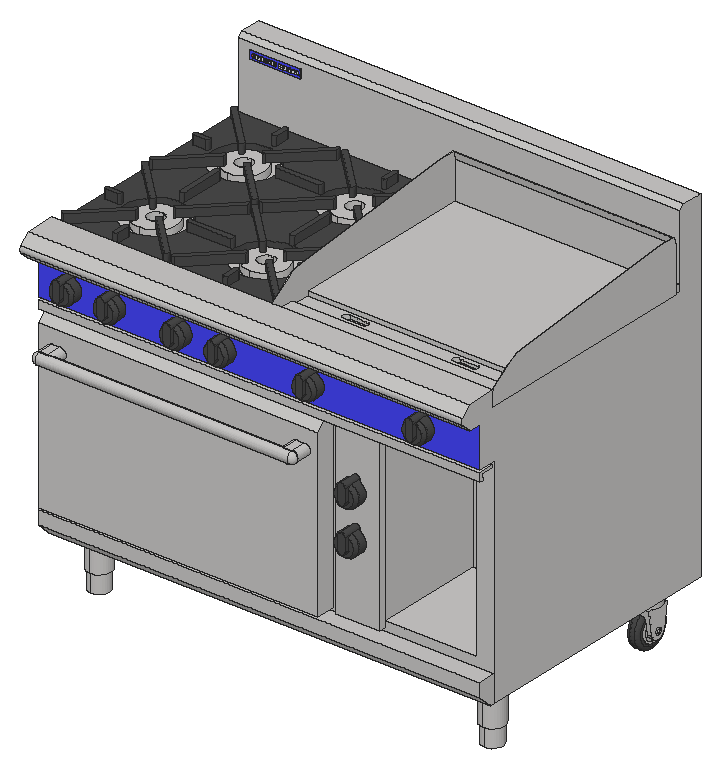
Revit family "QF_MOFFAT_BLUESEAL_CE_GE508B", category Specialty Equipment, Revit 2012 (continued)
Automatic sketch dimensions
  curve 63 to curve 12 = 5.678 mm
  curve 64 to curve 27 = 5.678 mm
  curve 65 to curve 26 = 5.678 mm
  curve 51 to curve 40 = 12.693 mm
  curve 54 to curve 42 = 12.693 mm
  curve 40 to curve 40 = 45 mm
  curve 42 to curve 42 = 45 mm
  curve 26 to curve 91 = 54.201 mm
  curve 27 to plane 17 = 62.387 mm
  curve 13 to curve 26 = 0 mm
  curve 12 to plane 17 = 62.387 mm
  curve 26 to curve 59 = 21.653 mm
  curve 8 to curve 4 = 2.734 mm
  curve 4 to curve 103 = 12.5 mm
  curve 90 to curve 91 = 5 mm
  curve 98 to plane 17 = 13.185 mm
  curve 83 to curve 83 = 5 mm
  curve 96 to curve 95 = 7 mm
  curve 72 to curve 71 = 7 mm
  plane 17 to curve 101 = 3.815 mm
  plane 17 to curve 95 = 3.815 mm
  plane 17 to curve 87 = 3.815 mm
  plane 17 to curve 77 = 3.815 mm
  Extrusion 1 sketch curve to plane 22 = 0 mm
  Extrusion 1 sketch curve to plane 21 = 0 mm
  Extrusion 1 sketch curve to plane 1 "BACK" = 0 mm
  plane 22 to Extrusion 1 sketch curve = 2.93 mm
  plane 22 to Extrusion 1 sketch curve = 8.071 mm
  plane 22 to Extrusion 1 sketch curve = 35.224 mm
  Extrusion 1 sketch curve to Extrusion 1 sketch curve = 2.389 mm
  plane 22 to Extrusion 1 sketch curve = 44 mm  (x2)
  Extrusion 1 sketch curve to Extrusion 1 sketch curve = 8.776 mm
  Extrusion 1 sketch curve to plane 5 "FRONT" = 28.03 mm
  Extrusion 1 sketch curve to plane 5 "FRONT" = 27.03 mm
  Extrusion 1 sketch curve to plane 5 "FRONT" = 11.991 mm
  Extrusion 1 sketch curve to plane 5 "FRONT" = 3.51 mm  (x2)
  Extrusion 1 sketch curve to plane 22 = 1.8 mm
  Extrusion 1 sketch curve to Extrusion 1 sketch curve = 4.2 mm
  Extrusion 1 sketch curve to plane 21 = 12.5 mm
  Extrusion 1 sketch curve to plane 17 = 38 mm
  Extrusion 1 sketch curve to Extrusion 1 sketch curve = 12.5 mm
  Extrusion 1 sketch curve to Extrusion 1 sketch curve = 41.48 mm
  Extrusion 1 sketch curve to Extrusion 1 sketch curve = 23.52 mm
  plane 18 to Extrusion 1 sketch curve = 85 mm
  Extrusion 1 sketch curve to Extrusion 1 sketch curve = 5.997 mm
  Extrusion 1 sketch curve to Extrusion 1 sketch curve = 7.004 mm
  Extrusion 1 sketch curve to Extrusion 1 sketch curve = 16.999 mm
  level to Extrusion 1 sketch curve = 222.5 mm
  Extrusion 1 sketch curve to Extrusion 1 sketch curve = 36.5 mm
  Extrusion 1 sketch curve to Extrusion 1 sketch curve = 35.929 mm
  level to Extrusion 1 sketch curve = 150 mm
  Extrusion 1 sketch curve to Extrusion 1 sketch curve = 8.48 mm
  plane 22 to Extrusion 2 sketch curve = 44 mm
  plane 22 to Extrusion 2 sketch curve = 20 mm
  Extrusion 2 sketch curve to plane 22 = 6 mm
  level to Extrusion 2 sketch curve = 227.5 mm
  plane 18 to Extrusion 2 sketch curve = 21 mm
  plane 18 to Extrusion 2 sketch curve = 45 mm
  plane 22 to Extrusion 3 sketch curve = 9 mm
  Extrusion 3 sketch curve to plane 22 = 6 mm
  level to Extrusion 3 sketch curve = 227.5 mm
  plane 18 to Extrusion 3 sketch curve = 45 mm
  Revolve 4 sketch curve to level = 0 mm
  Revolve 4 sketch curve to plane 22 = 48.25 mm
  Revolve 4 sketch curve to Revolve 4 sketch curve = 4.25 mm
  Revolve 4 sketch curve to Revolve 4 sketch curve = 27.5 mm  (x2)
  level to Revolve 4 sketch curve = 50 mm
  Revolve 4 sketch curve to Revolve 4 sketch curve = 0 mm
  Revolve 4 sketch curve to Revolve 4 sketch curve = 100 mm
  Revolve 4 sketch curve to Revolve 4 sketch curve = 55 mm
  Revolve 5 sketch curve to level = 0 mm
  Revolve 5 sketch curve to plane 22 = 48.25 mm
  Revolve 5 sketch curve to Revolve 5 sketch curve = 4.25 mm
  Revolve 5 sketch curve to Revolve 5 sketch curve = 27.5 mm  (x2)
  Revolve 5 sketch curve to level = 55 mm
  Revolve 5 sketch curve to Revolve 5 sketch curve = 50 mm
  Revolve 5 sketch curve to Revolve 5 sketch curve = 0 mm
  Revolve 5 sketch curve to Revolve 5 sketch curve = 100 mm
  Extrusion 6 sketch curve to plane 17 = 0 mm
  plane 18 to Extrusion 7 sketch curve = 21 mm
  level to Extrusion 7 sketch curve = 246 mm
  plane 16 to Extrusion 7 sketch curve = 15.5 mm
  Extrusion 8 sketch curve to plane 7 "Center Y" = 0 mm
  plane 22 to Extrusion 8 sketch curve = 0 mm
  Extrusion 8 sketch curve to plane 22 = 3 mm  (x2)
  plane 10 to Extrusion 8 sketch curve = 36.504 mm  (x2)
  plane 12 to Extrusion 8 sketch curve = 67.472 mm  (x2)
  Extrusion 8 sketch curve to plane 17 = 42 mm  (x2)
  plane 3 "LEFT" to Extrusion 8 sketch curve = 4 mm
  plane 14 to Extrusion 8 sketch curve = 76 mm  (x2)
  Extrusion 8 sketch curve to plane 7 "Center Y" = 150 mm  (x2)
  Extrusion 9 sketch curve to plane 17 = 61.602 mm  (x3)
  plane 9 to Extrusion 9 sketch curve = 4.847 mm  (x4)
  Extrusion 9 sketch curve to Extrusion 9 sketch curve = 0 mm  (x8)
  Extrusion 9 sketch curve to plane 7 "Center Y" = 15.153 mm  (x3)
  plane 3 "LEFT" to Extrusion 9 sketch curve = 15.153 mm
  Extrusion 9 sketch curve to Extrusion 9 sketch curve = 4.525 mm  (x24)
  Extrusion 9 sketch curve to plane 17 = 67.398 mm  (x2)
  Extrusion 9 sketch curve to Extrusion 9 sketch curve = 36.204 mm  (x2)
  Extrusion 9 sketch curve to Extrusion 9 sketch curve = 65.923 mm  (x2)
  plane 3 "LEFT" to Extrusion 9 sketch curve = 16.591 mm  (x2)
  plane 12 to Extrusion 9 sketch curve = 74.863 mm
  Extrusion 9 sketch curve to plane 7 "Center Y" = 7.896 mm  (x2)
  plane 12 to Extrusion 9 sketch curve = 73.872 mm
  Extrusion 9 sketch curve to Extrusion 9 sketch curve = 20.524 mm  (x5)
  Extrusion 9 sketch curve to Extrusion 9 sketch curve = 6.4 mm  (x12)
  plane 12 to Extrusion 9 sketch curve = 40.548 mm  (x4)
  Extrusion 9 sketch curve to plane 12 = 24.426 mm  (x2)
  Extrusion 9 sketch curve to plane 13 = 7.374 mm  (x4)
  plane 8 "Center X" to Extrusion 9 sketch curve = 8.898 mm  (x4)
  plane 8 "Center X" to Extrusion 9 sketch curve = 4.372 mm  (x4)
  Extrusion 9 sketch curve to plane 8 "Center X" = 43.102 mm  (x2)
  Extrusion 9 sketch curve to Extrusion 9 sketch curve = 55.923 mm  (x4)
  plane 10 to Extrusion 9 sketch curve = 43.646 mm
  plane 10 to Extrusion 9 sketch curve = 43.172 mm  (x2)
  plane 10 to Extrusion 9 sketch curve = 9.848 mm  (x4)
  plane 10 to Extrusion 9 sketch curve = 5.323 mm  (x4)
  Extrusion 9 sketch curve to plane 10 = 65.126 mm  (x2)
  Extrusion 9 sketch curve to plane 22 = 32.653 mm  (x3)
  plane 3 "LEFT" to Extrusion 9 sketch curve = 6.102 mm  (x3)
  Extrusion 9 sketch curve to plane 7 "Center Y" = 6.102 mm
  Extrusion 9 sketch curve to plane 22 = 29.398 mm  (x2)
  Extrusion 9 sketch curve to plane 11 = 9.416 mm  (x2)
  plane 14 to Extrusion 9 sketch curve = 40.025 mm  (x4)
  plane 14 to Extrusion 9 sketch curve = 69.6 mm  (x2)
  Extrusion 9 sketch curve to Extrusion 9 sketch curve = 53.847 mm  (x8)
  Extrusion 9 sketch curve to plane 9 = 38.102 mm  (x2)
  Extrusion 9 sketch curve to Extrusion 9 sketch curve = 12.205 mm  (x4)
  plane 9 to Extrusion 9 sketch curve = 78.102 mm  (x2)
  Extrusion 9 sketch curve to Extrusion 9 sketch curve = 49.974 mm  (x2)
  Revolve 10 sketch curve to plane 5 "FRONT" = 19 mm
  Revolve 10 sketch curve to Revolve 10 sketch curve = 0 mm  (x2)
  Revolve 10 sketch curve to Revolve 10 sketch curve = 11 mm
  Revolve 10 sketch curve to Revolve 10 sketch curve = 12.7 mm
  Revolve 10 sketch curve to Revolve 10 sketch curve = 23 mm
  Revolve 10 sketch curve to Revolve 10 sketch curve = 10 mm
  plane 18 to Revolve 10 sketch curve = 141.882 mm
  Revolve 10 sketch curve to Revolve 10 sketch curve = 5 mm
  Revolve 10 sketch curve to Revolve 10 sketch curve = 26.651 mm
  Revolve 10 sketch curve to Revolve 10 sketch curve = 5.849 mm
  Revolve 11 sketch curve to plane 5 "FRONT" = 19 mm
  Revolve 11 sketch curve to Revolve 11 sketch curve = 0 mm  (x2)
  Revolve 11 sketch curve to Revolve 11 sketch curve = 11 mm
  Revolve 11 sketch curve to Revolve 11 sketch curve = 12.7 mm
  Revolve 11 sketch curve to Revolve 11 sketch curve = 23 mm
  Revolve 11 sketch curve to Revolve 11 sketch curve = 10 mm
  Revolve 11 sketch curve to plane 6 "TOP" = 140.618 mm
  Revolve 11 sketch curve to Revolve 11 sketch curve = 5.849 mm
  Revolve 11 sketch curve to Revolve 11 sketch curve = 27.5 mm
  Revolve 11 sketch curve to Revolve 11 sketch curve = 5 mm
  Revolve 12 sketch curve to plane 5 "FRONT" = 19 mm
  Revolve 12 sketch curve to Revolve 12 sketch curve = 0 mm  (x2)
  Revolve 12 sketch curve to Revolve 12 sketch curve = 11 mm
  Revolve 12 sketch curve to Revolve 12 sketch curve = 12.7 mm
  Revolve 12 sketch curve to Revolve 12 sketch curve = 23 mm
  Revolve 12 sketch curve to Revolve 12 sketch curve = 10 mm
  Revolve 12 sketch curve to plane 6 "TOP" = 140.618 mm
  Revolve 12 sketch curve to Revolve 12 sketch curve = 5.849 mm
  Revolve 12 sketch curve to Revolve 12 sketch curve = 27.5 mm
  Revolve 12 sketch curve to Revolve 12 sketch curve = 5 mm
  Revolve 13 sketch curve to plane 5 "FRONT" = 19 mm
  Revolve 13 sketch curve to Revolve 13 sketch curve = 0 mm  (x2)
  Revolve 13 sketch curve to Revolve 13 sketch curve = 11 mm
  Revolve 13 sketch curve to Revolve 13 sketch curve = 12.7 mm
  Revolve 13 sketch curve to Revolve 13 sketch curve = 23 mm
  Revolve 13 sketch curve to Revolve 13 sketch curve = 10 mm
  Revolve 13 sketch curve to plane 6 "TOP" = 140.618 mm
  Revolve 13 sketch curve to Revolve 13 sketch curve = 5.849 mm
  Revolve 13 sketch curve to Revolve 13 sketch curve = 27.5 mm
  Revolve 13 sketch curve to Revolve 13 sketch curve = 5 mm
  Revolve 14 sketch curve to plane 5 "FRONT" = 19 mm
  Revolve 14 sketch curve to Revolve 14 sketch curve = 0 mm  (x2)
  Revolve 14 sketch curve to Revolve 14 sketch curve = 11 mm
  Revolve 14 sketch curve to Revolve 14 sketch curve = 12.7 mm
  Revolve 14 sketch curve to Revolve 14 sketch curve = 23 mm
  Revolve 14 sketch curve to Revolve 14 sketch curve = 10 mm
  Revolve 14 sketch curve to plane 6 "TOP" = 140.618 mm
  Revolve 14 sketch curve to Revolve 14 sketch curve = 5.849 mm
  Revolve 14 sketch curve to Revolve 14 sketch curve = 27.5 mm
  Revolve 14 sketch curve to Revolve 14 sketch curve = 5 mm
  plane 14 to Extrusion 15 sketch curve = 26.156 mm
  Extrusion 15 sketch curve to Extrusion 15 sketch curve = 10 mm
  Extrusion 15 sketch curve to plane 6 "TOP" = 146.118 mm
  Extrusion 15 sketch curve to Extrusion 15 sketch curve = 35 mm
  Extrusion 16 sketch curve to plane 9 = 59.844 mm
  Extrusion 16 sketch curve to Extrusion 16 sketch curve = 10 mm
  Extrusion 16 sketch curve to plane 6 "TOP" = 146.118 mm
  Extrusion 16 sketch curve to Extrusion 16 sketch curve = 35 mm
  plane 9 to Extrusion 17 sketch curve = 120.132 mm
  Extrusion 17 sketch curve to Extrusion 17 sketch curve = 10 mm
  Extrusion 17 sketch curve to plane 6 "TOP" = 146.118 mm
  Extrusion 17 sketch curve to Extrusion 17 sketch curve = 35 mm
  Extrusion 18 sketch curve to plane 7 "Center Y" = 79.868 mm
  Extrusion 18 sketch curve to Extrusion 18 sketch curve = 10 mm
  Extrusion 18 sketch curve to plane 6 "TOP" = 146.118 mm
  Extrusion 18 sketch curve to Extrusion 18 sketch curve = 35 mm
  Extrusion 19 sketch curve to plane 6 "TOP" = 146.118 mm
  Extrusion 19 sketch curve to Extrusion 19 sketch curve = 35 mm
  plane 22 to Revolve 20 sketch curve = 53 mm
  Revolve 20 sketch curve to Revolve 20 sketch curve = 0 mm  (x2)
  Revolve 20 sketch curve to Revolve 20 sketch curve = 11 mm
  Revolve 20 sketch curve to Revolve 20 sketch curve = 12.7 mm
  plane 22 to Revolve 20 sketch curve = 19 mm
  plane 22 to Revolve 20 sketch curve = 9 mm
  Revolve 20 sketch curve to plane 18 = 104.368 mm
  Revolve 20 sketch curve to Revolve 20 sketch curve = 5 mm
  Revolve 20 sketch curve to Revolve 20 sketch curve = 26.651 mm
  Revolve 20 sketch curve to Revolve 20 sketch curve = 5.849 mm
  Extrusion 21 sketch curve to Extrusion 21 sketch curve = 10 mm
  Extrusion 21 sketch curve to plane 18 = 112.368 mm
  Extrusion 21 sketch curve to Extrusion 21 sketch curve = 35 mm
  Extrusion 22 sketch curve to Extrusion 2 = 0 mm  (x2)
  Extrusion 22 sketch curve to Extrusion 22 sketch curve = 469.847 mm
  Extrusion 23 sketch curve to plane 16 = 0.512 mm
  Extrusion 23 sketch curve to plane 17 = 6.76 mm
  Extrusion 23 sketch curve to plane 1 "BACK" = 30.24 mm
  Extrusion 23 sketch curve to plane 17 = 55.26 mm
  Extrusion 24 sketch curve to plane 11 = 1.472 mm
  Extrusion 24 sketch curve to plane 18 = 46.875 mm  (x2)
  Extrusion 24 sketch curve to Extrusion 24 sketch curve = 15 mm  (x2)
  Extrusion 24 sketch curve to Extrusion 24 sketch curve = 20.282 mm  (x2)
  Revolve 25 sketch curve to plane 3 "LEFT" = 6.961 mm
  plane 3 "LEFT" to Revolve 25 sketch curve = 23.246 mm
  Revolve 25 sketch curve to plane 18 = 16.875 mm
  Revolve 25 sketch curve to Revolve 25 sketch curve = 15 mm
  Revolve 25 sketch curve to plane 7 "Center Y" = 11.961 mm
  Revolve 25 sketch curve to Revolve 25 sketch curve = 0 mm
  Extrusion 26 sketch curve to Extrusion 26 sketch curve = 0 mm  (x8)
  plane 12 to Extrusion 26 sketch curve = 67.472 mm  (x2)
  plane 10 to Extrusion 26 sketch curve = 36.772 mm  (x2)
  plane 14 to Extrusion 26 sketch curve = 76 mm  (x2)
  Extrusion 26 sketch curve to plane 7 "Center Y" = 150 mm  (x2)
  Split face 1 sketch curve to cut or joined group of Extrusion 1, Extrusion 7, Extrusion 23 = 27.315 mm
  Split face 1 sketch curve to cut or joined group of Extrusion 1, Extrusion 7, Extrusion 23 = 273.455 mm
  Split face 1 sketch curve to cut or joined group of Extrusion 1, Extrusion 7, Extrusion 23 = 23.185 mm
  Split face 1 sketch curve to Split face 1 sketch curve = 4.041 mm  (x4)
  Split face 1 sketch curve to Split face 1 sketch curve = 8.66 mm  (x2)
  Split face 1 sketch curve to cut or joined group of Extrusion 1, Extrusion 7, Extrusion 23 = 22.315 mm
  Split face 1 sketch curve to cut or joined group of Extrusion 1, Extrusion 7, Extrusion 23 = 36.836 mm
  Split face 1 sketch curve to Split face 1 sketch curve = 17 mm
  Split face 1 sketch curve to Split face 1 sketch curve = 7 mm  (x2)
  Split face 2 sketch curve to cut or joined group of Extrusion 1, Extrusion 7, Extrusion 23 = 27.315 mm
  Split face 2 sketch curve to cut or joined group of Extrusion 1, Extrusion 7, Extrusion 23 = 573.455 mm
  Split face 2 sketch curve to cut or joined group of Extrusion 1, Extrusion 7, Extrusion 23 = 23.185 mm
  Split face 2 sketch curve to Split face 2 sketch curve = 4.041 mm  (x4)
  Split face 2 sketch curve to Split face 2 sketch curve = 8.66 mm  (x2)
  Split face 2 sketch curve to cut or joined group of Extrusion 1, Extrusion 7, Extrusion 23 = 22.315 mm
  Split face 2 sketch curve to Split face 2 sketch curve = 223.917 mm
  Split face 2 sketch curve to cut or joined group of Extrusion 1, Extrusion 7, Extrusion 23 = 17.315 mm
  Split face 2 sketch curve to Split face 2 sketch curve = 17 mm
  Split face 2 sketch curve to Split face 2 sketch curve = 7 mm
  Split face 3 sketch curve to cut or joined group of Extrusion 1, Extrusion 7, Extrusion 23 = 27.315 mm
  Split face 3 sketch curve to cut or joined group of Extrusion 1, Extrusion 7, Extrusion 23 = 326.545 mm
  Split face 3 sketch curve to cut or joined group of Extrusion 1, Extrusion 7, Extrusion 23 = 23.185 mm
  Split face 3 sketch curve to Split face 3 sketch curve = 4.041 mm  (x4)
  Split face 3 sketch curve to Split face 3 sketch curve = 8.66 mm  (x2)
  Split face 3 sketch curve to cut or joined group of Extrusion 1, Extrusion 7, Extrusion 23 = 22.315 mm
  Split face 3 sketch curve to Split face 3 sketch curve = 223.917 mm
  Split face 3 sketch curve to cut or joined group of Extrusion 1, Extrusion 7, Extrusion 23 = 17.315 mm
  Split face 3 sketch curve to Split face 3 sketch curve = 17 mm
  Split face 3 sketch curve to Split face 3 sketch curve = 7 mm
  Split face 4 sketch curve to cut or joined group of Extrusion 1, Extrusion 7, Extrusion 23 = 26.545 mm
  Split face 4 sketch curve to Split face 4 sketch curve = 4.041 mm  (x4)
  Split face 4 sketch curve to Split face 4 sketch curve = 8.66 mm  (x2)
  Split face 4 sketch curve to cut or joined group of Extrusion 1, Extrusion 7, Extrusion 23 = 22.315 mm
  Split face 4 sketch curve to Split face 4 sketch curve = 223.917 mm
  Split face 4 sketch curve to cut or joined group of Extrusion 1, Extrusion 7, Extrusion 23 = 17.315 mm
  Split face 4 sketch curve to Split face 4 sketch curve = 10 mm
  Split face 4 sketch curve to Split face 4 sketch curve = 7 mm  (x3)
  Extrusion 28 sketch curve to plane 17 = 99.75 mm
  Extrusion 28 sketch curve to Extrusion 28 sketch curve = 12.357 mm
  Extrusion 28 sketch curve to Extrusion 28 sketch curve = 19.393 mm  (x2)
  level to Extrusion 28 sketch curve = 45.111 mm
  Extrusion 28 sketch curve to plane 17 = 36.25 mm
  Extrusion 28 sketch curve to Extrusion 28 sketch curve = 4.889 mm
  Extrusion 28 sketch curve to Extrusion 28 sketch curve = 64.889 mm
  Revolve 29 sketch curve to plane 17 = 103.75 mm
  Revolve 29 sketch curve to plane 17 = 68 mm
  Revolve 29 sketch curve to Revolve 29 sketch curve = 35.75 mm
  Revolve 29 sketch curve to level = 55 mm
  level to Revolve 29 sketch curve = 50 mm
  Revolve 29 sketch curve to Revolve 29 sketch curve = 60 mm
  Revolve 29 sketch curve to Revolve 29 sketch curve = 40 mm
  Revolve 30 sketch curve to plane 17 = 103.75 mm
  Revolve 30 sketch curve to plane 17 = 68 mm
  Revolve 30 sketch curve to Revolve 30 sketch curve = 35.75 mm
  level to Revolve 30 sketch curve = 150 mm
  Revolve 30 sketch curve to Revolve 30 sketch curve = 40 mm
  level to Revolve 30 sketch curve = 50 mm
  Revolve 30 sketch curve to level = 55 mm
  Revolve 31 sketch curve to plane 16 = 34.382 mm
  Revolve 31 sketch curve to Revolve 31 sketch curve = 1.27 mm  (x4)
  Revolve 31 sketch curve to Revolve 31 sketch curve = 1.524 mm  (x2)
  Revolve 31 sketch curve to Revolve 31 sketch curve = 12.146 mm  (x2)
  Revolve 31 sketch curve to plane 16 = 16.68 mm
  Revolve 31 sketch curve to Revolve 31 sketch curve = 0.794 mm  (x2)
  Revolve 31 sketch curve to Revolve 31 sketch curve = 3.57 mm
  Revolve 31 sketch curve to Revolve 31 sketch curve = 2.143 mm
  Revolve 31 sketch curve to plane 16 = 6.361 mm
  plane 16 to Revolve 31 sketch curve = 5.13 mm
  plane 16 to Revolve 31 sketch curve = 6.339 mm
  plane 16 to Revolve 31 sketch curve = 14.515 mm
  Revolve 31 sketch curve to Revolve 31 sketch curve = 1.349 mm  (x2)
  Revolve 31 sketch curve to Revolve 31 sketch curve = 3.556 mm
  Revolve 31 sketch curve to plane 4 "RIGHT" = 2.18 mm
  level to Revolve 31 sketch curve = 50.8 mm
  Revolve 31 sketch curve to Revolve 31 sketch curve = 0 mm
  Revolve 31 sketch curve to Revolve 31 sketch curve = 3.505 mm  (x2)
  Revolve 31 sketch curve to Revolve 31 sketch curve = 3.447 mm  (x2)
  Revolve 31 sketch curve to Revolve 31 sketch curve = 9.964 mm
  Revolve 31 sketch curve to Revolve 31 sketch curve = 10.045 mm
  Revolve 31 sketch curve to Revolve 31 sketch curve = 2.053 mm
  Revolve 31 sketch curve to Revolve 31 sketch curve = 2.061 mm
  Revolve 31 sketch curve to Revolve 31 sketch curve = 8.247 mm
  Revolve 31 sketch curve to Revolve 31 sketch curve = 8.336 mm
  Revolve 31 sketch curve to Revolve 31 sketch curve = 6.35 mm  (x2)
  Extrusion 32 sketch curve to plane 17 = 99.75 mm
  Extrusion 32 sketch curve to Extrusion 32 sketch curve = 12.357 mm
  Extrusion 32 sketch curve to Extrusion 32 sketch curve = 19.393 mm  (x2)
  level to Extrusion 32 sketch curve = 45.111 mm
  Extrusion 32 sketch curve to plane 17 = 36.25 mm
  Extrusion 32 sketch curve to Extrusion 32 sketch curve = 4.889 mm
  Extrusion 32 sketch curve to Extrusion 32 sketch curve = 64.889 mm
  Revolve 33 sketch curve to level = 0 mm
  Revolve 33 sketch curve to plane 17 = 99.75 mm
  Revolve 33 sketch curve to Revolve 33 sketch curve = 4.25 mm
  Revolve 33 sketch curve to Revolve 33 sketch curve = 27.5 mm  (x2)
  Revolve 33 sketch curve to level = 55 mm
  Revolve 33 sketch curve to Revolve 33 sketch curve = 50 mm
  Revolve 33 sketch curve to Revolve 33 sketch curve = 0 mm
  Revolve 33 sketch curve to Revolve 33 sketch curve = 100 mm
  Revolve 34 sketch curve to level = 0 mm
  Revolve 34 sketch curve to plane 17 = 99.75 mm
  Revolve 34 sketch curve to Revolve 34 sketch curve = 4.25 mm
  Revolve 34 sketch curve to Revolve 34 sketch curve = 27.5 mm  (x2)
  level to Revolve 34 sketch curve = 50 mm
  Revolve 34 sketch curve to Revolve 34 sketch curve = 0 mm
  Revolve 34 sketch curve to Revolve 34 sketch curve = 100 mm
  Revolve 34 sketch curve to Revolve 34 sketch curve = 55 mm
  plane 14 to Revolve 35 sketch curve = 25.382 mm
  Revolve 35 sketch curve to Revolve 35 sketch curve = 1.27 mm  (x4)
  Revolve 35 sketch curve to Revolve 35 sketch curve = 1.524 mm  (x2)
  plane 14 to Revolve 35 sketch curve = 10.442 mm
  plane 14 to Revolve 35 sketch curve = 7.68 mm
  Revolve 35 sketch curve to Revolve 35 sketch curve = 0.794 mm  (x2)
  Revolve 35 sketch curve to Revolve 35 sketch curve = 3.57 mm
  Revolve 35 sketch curve to Revolve 35 sketch curve = 2.143 mm
  Revolve 35 sketch curve to plane 14 = 2.639 mm
  Revolve 35 sketch curve to plane 11 = 0.13 mm
  Revolve 35 sketch curve to plane 11 = 1.339 mm
  Revolve 35 sketch curve to plane 11 = 9.515 mm
  Revolve 35 sketch curve to Revolve 35 sketch curve = 1.349 mm  (x2)
  Revolve 35 sketch curve to Revolve 35 sketch curve = 3.556 mm
  Revolve 35 sketch curve to Revolve 35 sketch curve = 12.146 mm
  Revolve 35 sketch curve to plane 3 "LEFT" = 2.68 mm
  level to Revolve 35 sketch curve = 101.6 mm
  Revolve 35 sketch curve to Revolve 35 sketch curve = 6.35 mm  (x4)
  Revolve 35 sketch curve to Revolve 35 sketch curve = 8.247 mm
  Revolve 35 sketch curve to Revolve 35 sketch curve = 8.336 mm
  Revolve 35 sketch curve to Revolve 35 sketch curve = 2.061 mm
  Revolve 35 sketch curve to Revolve 35 sketch curve = 2.053 mm
  Revolve 35 sketch curve to Revolve 35 sketch curve = 10.045 mm
  Revolve 35 sketch curve to Revolve 35 sketch curve = 9.964 mm
  Revolve 35 sketch curve to Revolve 35 sketch curve = 3.447 mm  (x2)
  Revolve 35 sketch curve to Revolve 35 sketch curve = 3.505 mm
  plane 22 to Revolve 36 sketch curve = 53 mm
  Revolve 36 sketch curve to Revolve 36 sketch curve = 0 mm  (x2)
  Revolve 36 sketch curve to Revolve 36 sketch curve = 11 mm
  Revolve 36 sketch curve to Revolve 36 sketch curve = 12.7 mm
  plane 22 to Revolve 36 sketch curve = 19 mm
  plane 22 to Revolve 36 sketch curve = 9 mm
  Revolve 36 sketch curve to plane 18 = 224.368 mm
  Revolve 36 sketch curve to Revolve 36 sketch curve = 5 mm
  Revolve 36 sketch curve to Revolve 36 sketch curve = 26.651 mm
  Revolve 36 sketch curve to Revolve 36 sketch curve = 5.849 mm
  Extrusion 37 sketch curve to Extrusion 37 sketch curve = 10 mm
  Extrusion 37 sketch curve to plane 18 = 232.368 mm
  Extrusion 37 sketch curve to Extrusion 37 sketch curve = 35 mm
  Revolve 38 sketch curve to plane 5 "FRONT" = 19 mm
  Revolve 38 sketch curve to Revolve 38 sketch curve = 0 mm  (x2)
  Revolve 38 sketch curve to Revolve 38 sketch curve = 11 mm
  Revolve 38 sketch curve to Revolve 38 sketch curve = 12.7 mm
  Revolve 38 sketch curve to Revolve 38 sketch curve = 23 mm
  Revolve 38 sketch curve to Revolve 38 sketch curve = 10 mm
  plane 18 to Revolve 38 sketch curve = 141.882 mm
  Revolve 38 sketch curve to Revolve 38 sketch curve = 5 mm
  Revolve 38 sketch curve to Revolve 38 sketch curve = 26.651 mm
  Revolve 38 sketch curve to Revolve 38 sketch curve = 5.849 mm
  Extrusion 39 sketch curve to plane 6 "TOP" = 146.118 mm
  Extrusion 39 sketch curve to Extrusion 39 sketch curve = 35 mm
  Extrusion 6 sketch curve to plane 16 = 64.5 mm
  Extrusion 23 sketch curve to Extrusion 23 sketch curve = 81 mm
  Extrusion 23 sketch curve to Extrusion 23 sketch curve = 48.5 mm
  Extrusion 39 sketch curve to plane 16 = 75.106 mm
  Extrusion 39 sketch curve to Extrusion 39 sketch curve = 10 mm
  plane 7 "Center Y" to curve 10 = 118.108 mm
  curve 10 to curve 11 = 25.191 mm
  curve 11 to curve 49 = 16.7 mm
  curve 83 to curve 79 = 223.917 mm
  Extrusion 7 sketch curve to plane 16 = 234.5 mm
  plane 7 "Center Y" to Extrusion 19 sketch curve = 159.62 mm
  Extrusion 19 sketch curve to Extrusion 19 sketch curve = 10 mm
  plane 7 "Center Y" to Extrusion 21 sketch curve = 227.344 mm
  plane 7 "Center Y" to Extrusion 24 sketch curve = 102.757 mm
  plane 7 "Center Y" to Revolve 25 sketch curve = 123.039 mm
  plane 7 "Center Y" to Extrusion 37 sketch curve = 227.344 mm
  radius of Extrusion 6 sketch curve = 10 mm
  radius of Extrusion 8 sketch curve = 85 mm  (x4)
  radius of Extrusion 26 sketch curve = 57 mm  (x4)
  radius of Extrusion 26 sketch curve = 22 mm  (x4)
  radius of Extrusion 27 sketch curve = 6.35 mm
Nested families
  nested 1: "WALDORF LOGO_FACE BASE" at (32, -70, 1056.385) x (1, 0, 0) z (0, -1, 0), visible <- "Show Logo", type "WALDORF LOGO_FACE BASE", detail levels medium+fine
    with Show Logo yes
  nested 2: "GAS GRIDDLE PLATE 600" at (600, -85, 874.5), type "GAS GRIDDLE PLATE 600"
    with Width 600 mm, Type Mark "", Status "", Specification by User "", Revision Code "", Item Number "", Installed By "", Identify Quantity as Lot yes, Furnished By "", Foodservice Equipment Identifier yes, Depth 620 mm
Connectors
  piping at (1070, -32, 655)
    settings: on Extrusion 6, index 4, connector radius 0.37402", flow factor 0, pipe flow 0 GPM, pressure drop 0.00 psi, fitting loss kfactor 0, connector angle 0.00°, fixture units 0, engagement length 0 mm, flow configuration 1, flow direction 1, fitting loss method 0, system type 7, joint type 0, gender type 0, connector reference index -1, connector utility 0, adjustable connector no, is connector primary yes, fitting loss table "", connector description "GAS CONNECTION"
  electrical at (826, -501, 148.072), driven by "Volts", driven by "Watts"
    settings: on Extrusion 27, index 5, voltage 400 V, apparent load 6200 VA, apparent load phase1 0 VA, apparent load phase2 0 VA, apparent load phase3 0 VA, power factor 1, load classification "Other", number of poles 1, system type 30, power factor state 1, is connector primary yes, connector utility no, sub classification motor no, connector description "ELECTRICAL CONNECTION"
Definition of nested family "WALDORF LOGO_FACE BASE"
  Parameters (values of type "WALDORF LOGO_FACE BASE")
    Show Logo [instance] = yes
    Default Elevation = 1219.2 mm
  Reference planes
    plane 1 "Center (Front/Back)": y = 0
    plane 2: z = 0
    plane 3 "Center (Left/Right)": x = 0
  Forms (mm)
    Extrusion 1, solid
      sketch origin (0, 0, 0) x (1, 0, 0) y (0, 1, 0)
        loop
          line (-1219.2, 1219.2) -> (-1219.2, -1219.2) -> (1219.2, -1219.2) -> (1219.2, 1219.2) -> (-1219.2, 1219.2)
      from 0 to -304.8
    Extrusion 2, solid, material "QF_Finishes_Blue", visible <- "Show Logo"
      sketch origin (0, -33.217, 0) x (1, 0, 0) y (0, 1, 0)
        loop
          arc (138, 31.942) -> (137.626, 32.844) -> (136.724, 33.217) r 1.276
          line (136.724, 33.217) -> (1.29, 33.217)
          arc (1.29, 33.217) -> (0.378, 32.839) -> (0, 31.927) r 1.29
          line (0, 31.927) -> (0, 11.507)
          arc (0, 11.507) -> (0.378, 10.595) -> (1.29, 10.217) r 1.29
          line (1.29, 10.217) -> (136.71, 10.217)
          arc (136.71, 10.217) -> (137.622, 10.595) -> (138, 11.507) r 1.29
          line (138, 11.507) -> (138, 31.942)
      from 0 to 1.588
    Extrusion 3, solid, material "QF_Finishes_White", visible <- "Show Logo"
      sketch origin (0, -33.217, 1.588) x (1, 0, 0) y (0, 1, 0)
        loop
          arc (108.946, 25.919) -> (107.613, 25.367) -> (107.061, 24.034) r 1.885
          line (107.061, 24.034) -> (107.061, 17.211) -> (112.704, 17.211) -> (112.704, 19.129) -> (115.546, 19.129) -> (115.546, 17.211) -> (121.584, 17.211) -> (121.584, 24.075)
          arc (121.584, 24.075) -> (121.043, 25.379) -> (119.739, 25.919) r 1.845
          line (119.739, 25.919) -> (108.946, 25.919)
        loop
          line (123.478, 25.919) -> (123.478, 17.163) -> (134.904, 17.163) -> (134.904, 19.129) -> (129.246, 19.129) -> (129.246, 25.919) -> (123.478, 25.919)
        loop
          line (112.704, 21.258) -> (115.546, 21.258) -> (115.546, 22.702)
          arc (115.546, 22.702) -> (115.344, 23.188) -> (114.858, 23.389) r 0.687
          line (114.858, 23.389) -> (113.363, 23.389)
          arc (113.363, 23.389) -> (112.897, 23.196) -> (112.704, 22.73) r 0.658
          line (112.704, 22.73) -> (112.704, 21.258)
        loop
          line (105.071, 25.919) -> (93.771, 25.919) -> (93.771, 17.163) -> (105.071, 17.163) -> (105.071, 19.063) -> (99.535, 19.063) -> (99.535, 20.437) -> (105.071, 20.437) -> (105.071, 22.278) -> (99.535, 22.278) -> (99.535, 23.587) -> (105.071, 23.587) -> (105.071, 25.919)
        loop
          line (91.104, 25.919) -> (79.541, 25.919)
          arc (79.541, 25.919) -> (78.558, 25.513) -> (78.152, 24.53) r 1.389
          line (78.152, 24.53) -> (78.152, 22.08)
          arc (78.152, 22.08) -> (78.558, 21.098) -> (79.541, 20.691) r 1.389
          line (79.541, 20.691) -> (86.346, 20.691) -> (86.346, 18.864) -> (83.266, 18.864) -> (83.266, 19.664) -> (78.152, 19.664) -> (78.152, 18.553)
          arc (78.152, 18.553) -> (78.558, 17.57) -> (79.541, 17.163) r 1.389
          line (79.541, 17.163) -> (91.063, 17.163)
          arc (91.063, 17.163) -> (92.045, 17.57) -> (92.452, 18.553) r 1.389
          line (92.452, 18.553) -> (92.452, 20.691)
          arc (92.452, 20.691) -> (92.045, 21.673) -> (91.063, 22.08) r 1.389
          line (91.063, 22.08) -> (83.266, 22.08) -> (83.266, 23.984) -> (86.346, 23.984) -> (86.346, 22.743) -> (92.452, 22.743) -> (92.452, 24.571)
          arc (92.452, 24.571) -> (92.057, 25.524) -> (91.104, 25.919) r 1.348
        loop
          line (70.705, 25.919) -> (59.405, 25.919) -> (59.405, 17.163) -> (70.705, 17.163) -> (70.705, 19.063) -> (65.169, 19.063) -> (65.169, 20.437) -> (70.705, 20.437) -> (70.705, 22.278) -> (65.169, 22.278) -> (65.169, 23.587) -> (70.705, 23.587) -> (70.705, 25.919)
        loop
          line (57.598, 25.919) -> (51.7, 25.919) -> (51.7, 20.18)
          arc (51.7, 20.18) -> (50.63, 19.11) -> (49.56, 20.18) r 1.07
          line (49.56, 20.18) -> (49.56, 25.919) -> (43.663, 25.919) -> (43.663, 19.049)
          arc (43.663, 19.049) -> (44.215, 17.716) -> (45.548, 17.163) r 1.885
          line (45.548, 17.163) -> (55.71, 17.163)
          arc (55.71, 17.163) -> (57.045, 17.716) -> (57.598, 19.051) r 1.887
          line (57.598, 19.051) -> (57.598, 25.919)
        loop
          line (31.62, 25.919) -> (31.62, 17.163) -> (43.046, 17.163) -> (43.046, 19.129) -> (37.388, 19.129) -> (37.388, 25.919) -> (31.62, 25.919)
        loop
          line (15.969, 25.919) -> (15.969, 17.163) -> (28.693, 17.163)
          arc (28.693, 17.163) -> (29.812, 17.627) -> (30.276, 18.746) r 1.582
          line (30.276, 18.746) -> (30.276, 20.447) -> (29.48, 21.243) -> (30.276, 22.039) -> (30.276, 24.332)
          arc (30.276, 24.332) -> (29.811, 25.454) -> (28.688, 25.919) r 1.587
          line (28.688, 25.919) -> (15.969, 25.919)
        loop
          line (21.449, 24.159) -> (21.449, 22.436) -> (23.862, 22.436)
          arc (23.862, 22.436) -> (24.723, 23.298) -> (23.862, 24.159) r 0.861
          line (23.862, 24.159) -> (21.449, 24.159)
        loop
          line (21.449, 20.244) -> (21.449, 18.522) -> (23.862, 18.522)
          arc (23.862, 18.522) -> (24.723, 19.383) -> (23.862, 20.244) r 0.861
          line (23.862, 20.244) -> (21.449, 20.244)
      from 0 to 0.2
    Extrusion 4, solid, material "QF_Finishes_Blue", visible <- "Show Logo"
      sketch origin (-126.498, -31.09, 1.588) x (1, 0, 0) y (0, 1, 0)
        loop
          line (136.738, 23.522) -> (136.738, 15.1)
          arc (136.738, 15.1) -> (140.756, 19.311) -> (136.738, 23.522) r 4.216
      from 0 to 0.2
    Extrusion 5, solid, material "QF_Finishes_Red", visible <- "Show Logo"
      sketch origin (146.849, -31.09, 1.588) x (-1, 0, 0) y (0, -1, 0)
        loop
          arc (136.738, -23.522) -> (140.756, -19.311) -> (136.738, -15.1) r 4.216
          line (136.738, -15.1) -> (136.738, -23.522)
      from 0 to 0.2
  Lines and regions (mm)
    Split face 1
      outline origin (-90.35, -30.793, 1.588) x (1, 0, 0) y (0, 1, 0)
        loop
          circle (100.54, 19.013) r 4.536
  Dimensions and locks
    aligned and locked: plane 2 to Extrusion 1
    aligned and locked: level to Extrusion 1
Definition of nested family "GAS GRIDDLE PLATE 600"
  Parameters (values of type "GAS GRIDDLE PLATE 600")
    Width [instance] = 600 mm
    Weight in Pounds = 0
    URL Cutsheet = ""
    Type Mark [instance] = ""
    Status [instance] = ""
    Specification by User [instance] = ""
    Specification by Manufacturer = ""
    Serial Number = ""
    Seismic Rating = ""
    SMACNA No = ""
    Revision Code [instance] = ""
    Omniclass Number and Title = ""
    NAFEM Spec ID Number = ""
    Masterspec = ""
    Item Number [instance] = ""
    Installed By [instance] = ""
    Identify Quantity as Lot [instance] = yes
    Furnished By [instance] = ""
    Foodservice Equipment Identifier [instance] = yes
    Depth [instance] = 620 mm
    CSI MasterFormat = ""
    CSI Master Format = ""
  Reference planes
    plane 1 "BACK": y = 0
    plane 2: z = 0
    plane 3 "LEFT": x = 0
    plane 4 "RIGHT": x = 600
    plane 5 "FRONT": y = -620
    plane 6 "TOP": z = 142.5
    plane 7 "Center Y": x = 300
    plane 8 "Center X": y = -310
    plane 9: y = -530.997
    plane 10: y = -541.497
    plane 11: y = -503.25
    plane 12: y = -557.737
  Forms (mm)
    Extrusion 1, solid, material "QF_Finishes_Stainless Steel"
      sketch origin (0, 70.003, -874.5) x (0, 1, 0) y (0, 0, 1)
        loop
          line (-70, 875) -> (-70, 997.489) -> (-75.228, 1017) -> (-117.24, 1017) -> (-589.533, 971.523)
          arc (-589.533, 971.523) -> (-614.56, 965.803) -> (-637.306, 953.899) r 100
          line (-637.306, 953.899) -> (-690.003, 917) -> (-690.003, 875) -> (-70, 875)
      from 0 to 1.8
    Extrusion 2, solid, material "QF_Finishes_Stainless Steel"
      sketch origin (600, 70.003, -874.5) x (0, -1, 0) y (0, 0, 1)
        loop
          line (70, 875) -> (690.003, 875) -> (690.003, 917) -> (637.306, 953.899)
          arc (637.306, 953.899) -> (614.56, 965.803) -> (589.533, 971.523) r 100
          line (589.533, 971.523) -> (117.24, 1017) -> (75.228, 1017) -> (70, 997.489) -> (70, 875)
      from 0 to 1.2
    Extrusion 3, solid, material "QF_Finishes_Stainless Steel"
      sketch origin (150, 70.003, -874.5) x (0, 1, 0) y (0, 0, 1)
        loop
          line (-55, 895) -> (-573.253, 895) -> (-573.253, 884.5) -> (-627.74, 884.5) -> (-627.74, 895) -> (-690.003, 895) -> (-690.003, 875) -> (-55, 875) -> (-55, 895)
      from -148.2 to 448.8
    Extrusion 4, void
      sketch origin (150, -541.497, 10) x (0, -1, 0) y (1, 0, 0)
        loop
          arc (-7.497, 25.113) -> (-17.497, 35.113) -> (-27.497, 25.113) r 10
          line (-27.497, 25.113) -> (-27.497, -24.887)
          arc (-27.497, -24.887) -> (-17.497, -34.887) -> (-7.497, -24.887) r 10
          line (-7.497, -24.887) -> (-7.497, 25.113)
        loop
          line (-7.497, 274.887) -> (-7.497, 324.887)
          arc (-7.497, 324.887) -> (-17.497, 334.887) -> (-27.497, 324.887) r 10
          line (-27.497, 324.887) -> (-27.497, 274.887)
          arc (-27.497, 274.887) -> (-17.497, 264.887) -> (-7.497, 274.887) r 10
      from -41.4 to 40.142
    Extrusion 5, solid, material "QF_Finishes_Stainless Steel"
      sketch origin (0, 70.003, -874.5) x (0, 1, 0) y (0, 0, 1)
        loop
          line (-70, 875) -> (-70, 997.489) -> (-75.228, 1017) -> (-76.884, 1017) -> (-71.6, 997.278) -> (-71.6, 875) -> (-70, 875)
      from 0 to 598.8
  Cuts and joins
    Extrusion 4 cuts Extrusion 3
    joined: Extrusion 1, Extrusion 2, Extrusion 3, Extrusion 5
  Lines and regions (mm)
    symbolic lines
      curve 1: line (600, -503.25, 0) -> (0, -503.25, 0)
      curve 2: line (0, -557.737, 0) -> (600, -557.737, 0)
      curve 3: line (0, -1.68, 0) -> (600, -1.68, 0)
      curve 4: line (600, -1.68, 0) -> (600, -620, 0)
      curve 5: line (0, -620, 0) -> (0, -1.68, 0)
      curve 6: line (0, -620, 0) -> (600, -620, 0)
      curve 7: arc (175.113, -534, 0) -> (185.113, -524, 0) -> (175.113, -514, 0) r 10
      curve 8: line (175.113, -514, 0) -> (125.113, -514, 0)
      curve 9: arc (125.113, -514, 0) -> (115.113, -524, 0) -> (125.113, -534, 0) r 10
      curve 10: line (125.113, -534, 0) -> (175.113, -534, 0)
      curve 11: arc (424.887, -534, 0) -> (414.887, -524, 0) -> (424.887, -514, 0) r 10
      curve 12: line (424.887, -514, 0) -> (474.887, -514, 0)
      curve 13: arc (474.887, -514, 0) -> (484.887, -524, 0) -> (474.887, -534, 0) r 10
      curve 14: line (474.887, -534, 0) -> (424.887, -534, 0)
  Dimensions and locks
    equal spacing: plane 3 "LEFT", plane 7 "Center Y", plane 4 "RIGHT"
    "Width": plane 3 "LEFT" to plane 4 "RIGHT"
    equal spacing: plane 5 "FRONT", plane 8 "Center X", plane 1 "BACK"
    "Depth": plane 5 "FRONT" to plane 1 "BACK"
    locked: Extrusion 2 to Extrusion 2 at 1.2
    aligned and locked: level to plane 2
    aligned and locked: Extrusion 2 to plane 4 "RIGHT"
    aligned and locked: curve 1 to plane 11
    aligned and locked: plane 12 to curve 2
    aligned and locked: Extrusion 5 to cut or joined group of Extrusion 1, Extrusion 2, Extrusion 3, Extrusion 4, Extrusion 5
  Automatic sketch dimensions
    Extrusion 1 sketch curve to plane 5 "FRONT" = 0 mm
    Extrusion 1 sketch curve to plane 6 "TOP" = 0 mm
    plane 12 to Extrusion 1 sketch curve = 9.566 mm
    plane 11 to Extrusion 1 sketch curve = 16.28 mm
    Extrusion 1 sketch curve to level = 2.516 mm
    plane 11 to Extrusion 1 sketch curve = 6.695 mm
    plane 1 "BACK" to Extrusion 1 sketch curve = 47.237 mm
    plane 1 "BACK" to Extrusion 1 sketch curve = 5.225 mm
    Extrusion 1 sketch curve to plane 1 "BACK" = 0.003 mm
    level to Extrusion 1 sketch curve = 0.5 mm
    Extrusion 1 sketch curve to Extrusion 1 sketch curve = 42 mm
    Extrusion 1 sketch curve to plane 6 "TOP" = 63.101 mm
    Extrusion 1 sketch curve to plane 6 "TOP" = 19.511 mm
    Extrusion 2 sketch curve to plane 6 "TOP" = 0 mm
    Extrusion 2 sketch curve to plane 5 "FRONT" = 0 mm
    plane 12 to Extrusion 2 sketch curve = 9.566 mm
    plane 11 to Extrusion 2 sketch curve = 16.28 mm
    Extrusion 2 sketch curve to level = 2.516 mm
    plane 11 to Extrusion 2 sketch curve = 6.695 mm
    plane 1 "BACK" to Extrusion 2 sketch curve = 47.237 mm
    plane 1 "BACK" to Extrusion 2 sketch curve = 5.225 mm
    Extrusion 2 sketch curve to plane 1 "BACK" = 0.003 mm
    level to Extrusion 2 sketch curve = 0.5 mm
    Extrusion 2 sketch curve to Extrusion 2 sketch curve = 42 mm
    Extrusion 2 sketch curve to plane 6 "TOP" = 63.101 mm
    Extrusion 2 sketch curve to plane 6 "TOP" = 19.511 mm
    Extrusion 3 sketch curve to plane 5 "FRONT" = 0 mm
    Extrusion 3 sketch curve to plane 12 = 0 mm
    Extrusion 3 sketch curve to plane 11 = 0 mm
    Extrusion 3 sketch curve to plane 1 "BACK" = 15.003 mm
    level to Extrusion 3 sketch curve = 0.5 mm
    level to Extrusion 3 sketch curve = 10 mm
    Extrusion 3 sketch curve to Extrusion 3 sketch curve = 10.5 mm  (x2)
    plane 1 "BACK" to Extrusion 5 sketch curve = 5.225 mm
    Extrusion 5 sketch curve to plane 1 "BACK" = 0.003 mm
    Extrusion 5 sketch curve to plane 6 "TOP" = 19.511 mm
    Extrusion 5 sketch curve to Extrusion 5 sketch curve = 1.6 mm
    Extrusion 5 sketch curve to Extrusion 5 sketch curve = 0.211 mm
    Extrusion 5 sketch curve to plane 6 "TOP" = 0 mm
    Extrusion 5 sketch curve to Extrusion 5 sketch curve = 1.656 mm
    level to Extrusion 5 sketch curve = 0.5 mm
    plane 11 to Extrusion 4 sketch curve = 10.75 mm  (x2)
    Extrusion 4 sketch curve to Extrusion 4 sketch curve = 10 mm  (x2)
    plane 3 "LEFT" to Extrusion 4 sketch curve = 125.113 mm
    Extrusion 4 sketch curve to Extrusion 4 sketch curve = 50 mm  (x2)
    plane 7 "Center Y" to Extrusion 4 sketch curve = 124.887 mm
    curve 6 to plane 3 "LEFT" = 0 mm
    curve 3 to plane 4 "RIGHT" = 0 mm
    plane 5 "FRONT" to curve 6 = 0 mm
    plane 11 to curve 8 = 10.75 mm
    plane 3 "LEFT" to curve 8 = 125.113 mm
    curve 10 to plane 12 = 23.737 mm
    curve 9 to curve 10 = 50 mm
    curve 11 to plane 12 = 23.737 mm
    plane 7 "Center Y" to curve 11 = 124.887 mm
    plane 11 to curve 12 = 10.75 mm
    curve 12 to curve 12 = 50 mm
    plane 1 "BACK" to curve 3 = 1.68 mm
